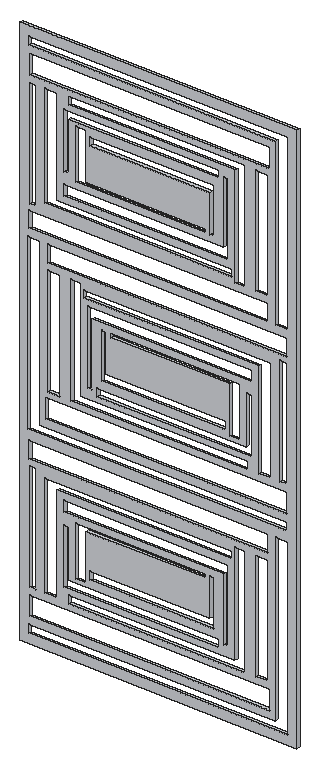
Revit family "Night Life", category Generic Models, Revit 2016
Family settings
  Part Type = Normal
  Can host rebar = No
  Round Connector Dimension = Use Diameter
  Work Plane-Based = Yes
  Always vertical = No
  Cut with Voids When Loaded = No
  Shared = No
  Room Calculation Point = No
Parameters
  Default Elevation = 4' - 0"
Reference planes (in)
  plane 1 "Center (Front/Back)": y = 0
  plane 2: z = 0
  plane 3 "Center (Left/Right)": x = 0
Forms (in)
  Extrusion 1, solid
    sketch origin (192, 0, 0) x (1, 0, 0) y (0, 0, 1)
      loop
        line (-192, 96) -> (-192, 0) -> (-144, 0) -> (-144, 96) -> (-192, 96)
      loop
        line (-145.58776, 94.41224) -> (-190.49737, 94.41224) -> (-190.49737, 92.98917) -> (-147.67638, 92.98917) -> (-147.67638, 64.43292) -> (-145.58776, 64.43292) -> (-145.58776, 94.41224)
      loop
        line (-190.4411, 64.46184) -> (-149.04179, 64.46184) -> (-149.04179, 67.3548) -> (-190.4411, 67.3548) -> (-190.4411, 64.46184)
      loop
        line (-149.04179, 68.4693) -> (-149.04179, 87.35633) -> (-151.19257, 87.35633) -> (-151.19257, 68.4693) -> (-149.04179, 68.4693)
      loop
        line (-148.66774, 88.38424) -> (-148.66774, 91.74833) -> (-190.41224, 91.74833) -> (-190.41224, 88.38424) -> (-148.66774, 88.38424)
      loop
        line (-189.2901, 87.22606) -> (-190.41224, 87.22606) -> (-190.41224, 68.29316) -> (-189.2901, 68.29316) -> (-189.2901, 87.22606)
      loop
        line (-185.59881, 87.22606) -> (-187.73338, 87.22606) -> (-187.73338, 69.32671) -> (-155.29988, 69.32671) -> (-155.29988, 70.53314) -> (-185.59881, 70.53314) -> (-185.59881, 87.22606)
      loop
        line (-153.09224, 68.4693) -> (-153.09224, 87.41155) -> (-183.64985, 87.41155) -> (-183.64985, 86.02589) -> (-154.74948, 86.02589) -> (-154.74948, 68.4693) -> (-153.09224, 68.4693)
      loop
        line (-184.41157, 75.42055) -> (-183.56122, 75.42055) -> (-183.56122, 83.76313) -> (-157.61455, 83.76313) -> (-157.61455, 85.14009) -> (-184.41157, 85.14009) -> (-184.41157, 75.42055)
      loop
        line (-182.34736, 83.16079) -> (-182.34736, 74.48602) -> (-159.8808, 74.48602) -> (-159.8808, 75.16379) -> (-180.56997, 75.16379) -> (-180.56997, 83.16079) -> (-182.34736, 83.16079)
      loop
        line (-179.85911, 82.44677) -> (-179.85911, 81.04213) -> (-159.08229, 81.04213) -> (-159.08229, 74.48602) -> (-158.38582, 74.48602) -> (-158.38582, 82.44677) -> (-179.85911, 82.44677)
      loop
        line (-156.75092, 84.36156) -> (-156.75092, 73.42991) -> (-184.36728, 73.42991) -> (-184.36728, 71.64632) -> (-156.00245, 71.64632) -> (-156.00245, 84.36156) -> (-156.75092, 84.36156)
      loop
        line (-187.21357, 63.13792) -> (-187.21357, 60.24496) -> (-145.81427, 60.24496) -> (-145.81427, 63.13792) -> (-187.21357, 63.13792)
      loop
        line (-188.57898, 34.61058) -> (-188.57898, 63.16683) -> (-190.66761, 63.16683) -> (-190.66761, 33.18752) -> (-145.75799, 33.18752) -> (-145.75799, 34.61058) -> (-188.57898, 34.61058)
      loop
        line (-145.84312, 35.85143) -> (-145.84312, 39.21551) -> (-187.58762, 39.21551) -> (-187.58762, 35.85143) -> (-145.84312, 35.85143)
      loop
        line (-145.84312, 59.3066) -> (-146.96527, 59.3066) -> (-146.96527, 40.3737) -> (-145.84312, 40.3737) -> (-145.84312, 59.3066)
      loop
        line (-148.52198, 40.3737) -> (-148.52198, 58.27305) -> (-180.95548, 58.27305) -> (-180.95548, 57.06662) -> (-150.65655, 57.06662) -> (-150.65655, 40.3737) -> (-148.52198, 40.3737)
      loop
        line (-180.25292, 55.95344) -> (-180.25292, 43.23819) -> (-179.50444, 43.23819) -> (-179.50444, 54.16985) -> (-151.88809, 54.16985) -> (-151.88809, 55.95344) -> (-180.25292, 55.95344)
      loop
        line (-178.64081, 42.45967) -> (-151.84379, 42.45967) -> (-151.84379, 52.17921) -> (-152.69414, 52.17921) -> (-152.69414, 43.83663) -> (-178.64081, 43.83663) -> (-178.64081, 42.45967)
      loop
        line (-153.908, 44.43897) -> (-153.908, 53.11374) -> (-176.37456, 53.11374) -> (-176.37456, 52.43596) -> (-155.68539, 52.43596) -> (-155.68539, 44.43897) -> (-153.908, 44.43897)
      loop
        line (-156.39626, 46.55763) -> (-177.17307, 46.55763) -> (-177.17307, 53.11374) -> (-177.86955, 53.11374) -> (-177.86955, 45.15298) -> (-156.39626, 45.15298) -> (-156.39626, 46.55763)
      loop
        line (-181.50589, 41.57387) -> (-181.50589, 59.13046) -> (-183.16312, 59.13046) -> (-183.16312, 40.18821) -> (-152.60551, 40.18821) -> (-152.60551, 41.57387) -> (-181.50589, 41.57387)
      loop
        line (-185.06279, 59.13046) -> (-187.21357, 59.13046) -> (-187.21357, 40.24343) -> (-185.06279, 40.24343) -> (-185.06279, 59.13046)
      loop
        line (-149.04179, 31.53816) -> (-190.4411, 31.53816) -> (-190.4411, 28.6452) -> (-149.04179, 28.6452) -> (-149.04179, 31.53816)
      loop
        line (-147.67638, 3.01083) -> (-190.49737, 3.01083) -> (-190.49737, 1.58776) -> (-145.58776, 1.58776) -> (-145.58776, 31.56708) -> (-147.67638, 31.56708) -> (-147.67638, 3.01083)
      loop
        line (-148.66774, 4.25167) -> (-148.66774, 7.61576) -> (-190.41224, 7.61576) -> (-190.41224, 4.25167) -> (-148.66774, 4.25167)
      loop
        line (-189.2901, 27.70684) -> (-190.41224, 27.70684) -> (-190.41224, 8.77394) -> (-189.2901, 8.77394) -> (-189.2901, 27.70684)
      loop
        line (-187.73338, 8.77394) -> (-185.59881, 8.77394) -> (-185.59881, 25.46686) -> (-155.29988, 25.46686) -> (-155.29988, 26.67329) -> (-187.73338, 26.67329) -> (-187.73338, 8.77394)
      loop
        line (-154.74948, 27.5307) -> (-154.74948, 9.97411) -> (-183.64985, 9.97411) -> (-183.64985, 8.58845) -> (-153.09224, 8.58845) -> (-153.09224, 27.5307) -> (-154.74948, 27.5307)
      loop
        line (-151.19257, 8.64367) -> (-149.04179, 8.64367) -> (-149.04179, 27.5307) -> (-151.19257, 27.5307) -> (-151.19257, 8.64367)
      loop
        line (-156.75092, 11.63844) -> (-156.00245, 11.63844) -> (-156.00245, 24.35368) -> (-184.36728, 24.35368) -> (-184.36728, 22.57009) -> (-156.75092, 22.57009) -> (-156.75092, 11.63844)
      loop
        line (-184.41157, 20.57945) -> (-184.41157, 10.85991) -> (-157.61455, 10.85991) -> (-157.61455, 12.23687) -> (-183.56122, 12.23687) -> (-183.56122, 20.57945) -> (-184.41157, 20.57945)
      loop
        line (-158.38582, 13.55323) -> (-158.38582, 21.51398) -> (-159.08229, 21.51398) -> (-159.08229, 14.95787) -> (-179.85911, 14.95787) -> (-179.85911, 13.55323) -> (-158.38582, 13.55323)
      loop
        line (-182.34736, 21.51398) -> (-182.34736, 12.83921) -> (-180.56997, 12.83921) -> (-180.56997, 20.83621) -> (-159.8808, 20.83621) -> (-159.8808, 21.51398) -> (-182.34736, 21.51398)
    from 0 to 0.5
Dimensions and locks (in)
  aligned and locked: plane 2 to level
